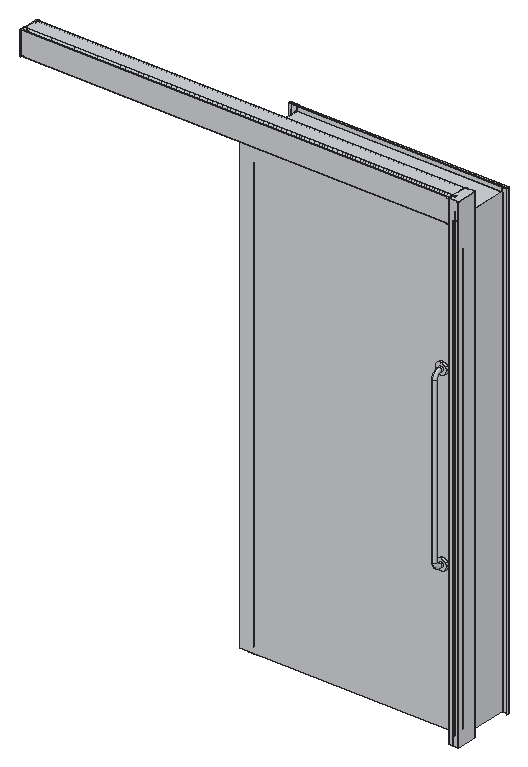
Revit family "R0000103", category Türen, Revit 2021
Family settings
  Basisbauteil = Wand
  Immer vertikal = Ja
  Beim Laden mit Abzugskörper schneiden = Nein
  Gemeinsam genutzt = Nein
  Raumberechnungspunkt = Ja
Parameters (values of type "BOS SvdW-D für Mauerwerk mit NOVA 150 BOS Holz")
  Grifftiefe = 46 mm  # constant formula
  TB = if([SvdW-D mit NOVA 150 BOS Holz], 1, 1)  # 1
  Stoßgriff = 1 < 2  # yes
  Nagelanker vorne links [instance] = DIN rechts   DIN Right  # yes
  Material - Türgriff = none
  Info-Texte sichtbar = yes
  Grifflänge = 800 mm  # constant formula
  RNH Rohbau_Nennmaß_Höhe   Nominal Wall Opening Height Measurement [instance] = LDH effektiv Lichte Durchgangs Höhe effektiv   Real Clearance Height + Einfügepunkt  # 2130 mm
  RNB Rohbau_Nennmaß_Breite   Nominal Wall Opening Width Measurement [instance] = LDB Lichte Durchgangs Breite   Clearance Width + (2 * Einfügepunkt)  # 1010 mm
  Griffradius = 9 mm  # constant formula
  Führungsnutbreite = 18 mm  # constant formula
  Führungsnuttiefe = 36 mm  # constant formula
  Türblatt geöffnet in ...% LDB effektiv [instance] = if(Türblatt geöffnet in ...% LDB effektiv  Doorleaf opened in ...% Real Clearance Width < 0, 0, if(Türblatt geöffnet in ...% LDB effektiv  Doorleaf opened in ...% Real Clearance Width > 100, 100, Türblatt geöffnet in ...% LDB effektiv  Doorleaf opened in ...% Real Clearance Width))  # 0
  Türblatt geöffnet in ...% LDB effektiv  Doorleaf opened in ...% Real Clearance Width [instance] = 0
  Spiegel hinten min. = 30 mm  # constant formula
  Spiegel hinten max. = 80 mm  # constant formula
  SvdW-D mit NOVA 150 BOS Holz = yes
  Türblatteinstand [instance] = if(DIN rechts   DIN Right, 14 mm, Spiegel vorne STR)  # 14 mm
  Variante - Auswahl [instance] = if(Standardmaße, "Standardmaße", "Sondermaße")  # "Standardmaße"
  Spiegel vorne KS [instance] = 30 mm  # constant formula
  Spiegel vorne STR [instance] = if(DIN links   DIN Left, 40 mm, 43.5 mm)  # 43.5 mm
  Spiegel vorne STL [instance] = if(DIN rechts   DIN Right, 40 mm, 43.5 mm)  # 40 mm
  STR-länge [instance] = LDH effektiv Lichte Durchgangs Höhe effektiv   Real Clearance Height  # 2093 mm
  STL-länge [instance] = LDH effektiv Lichte Durchgangs Höhe effektiv   Real Clearance Height  # 2093 mm
  Putzwinkel vorne KS = 17 mm  # constant formula
  Putzwinkel vorne STR = 17 mm  # constant formula
  Putzwinkel vorne STL = 14 mm  # constant formula
  Putzwinkel vorne AP = 15 mm  # constant formula
  Putzwinkel hinten min. = 9 mm  # constant formula
  Putzwinkel hinten max. = 28 mm  # constant formula
  Material - Dichtung = none
  KS-länge [instance] = LDB Lichte Durchgangs Breite   Clearance Width  # 936 mm
  Griffhöhe = 1068 mm  # constant formula
  Dornmaß = 65 mm  # constant formula
  GT min. [instance] = Putzwinkel hinten min. + MW min. + if(DIN rechts   DIN Right, Putzwinkel vorne STR, Putzwinkel vorne STR)  # 126 mm
  GT max. [instance] = Putzwinkel hinten max. + MW max. + if(DIN rechts   DIN Right, Putzwinkel vorne STR, Putzwinkel vorne STR)  # 605 mm
  GT Profil STR [instance] = Putzwinkel hinten + MW Maulweite   Receiving Opening + 93.5 mm  # 303.5 mm
  GT Profil STL [instance] = Putzwinkel hinten + MW Maulweite   Receiving Opening + Putzwinkel vorne STL  # 224 mm
  Fußbodenaufbau - Auswahl [instance] = if(Fußbodenaufbau < 0 mm, 0 mm, if(Fußbodenaufbau > 150 mm, 150 mm, Fußbodenaufbau))  # 0 mm
  Fußbodenaufbau [instance] = 0 mm
  Fingerschutz-Abstand = Dornmaß - 14 mm  # 51 mm
  Material - Türblatt = none
  LDH effektiv Lichte Durchgangs Höhe effektiv   Real Clearance Height [instance] = if(Standardmaße, if(Standardmaß LDH effektiv Lichte Durchgangs Höhe effektiv   Real Clearance Height Choice < 2, 1968 mm, 2093 mm), if(Sondermaß LDH effektiv Lichte Durchgangs Höhe effektiv   Real Clearance Height Specification < LDH min., LDH min., if(Sondermaß LDH effektiv Lichte Durchgangs Höhe effektiv   Real Clearance Height Specification > LDH max., LDH max., Sondermaß LDH effektiv Lichte Durchgangs Höhe effektiv   Real Clearance Height Specification)))  # 2093 mm
  LDB effektiv Lichte Durchgangs Breite effektiv   Real Clearance Width [instance] = LDB Lichte Durchgangs Breite   Clearance Width - [Fingerschutz-Abstand] - Dornmaß  # 820 mm
  NOVA 150 BOS Holz = [SvdW-D mit NOVA 150 BOS Holz]  # yes
  Zargenblechstärke = 1.5 mm  # constant formula
  Türblattreferenz [instance] = TAB Türblatt Außenmaß Breite - if(DIN rechts   DIN Right, Spiegel vorne STL, 14 mm) - (if(DIN links   DIN Left, -1, 1) * Türblatt geöffnet in ...% LDB effektiv * (LDB effektiv Lichte Durchgangs Breite effektiv   Real Clearance Width - [Fingerschutz-Abstand] + Dornmaß) / 100)  # 950 mm
  Türblattabstand unten [instance] = 9.5 mm  # constant formula
  TAH Türblatt_Außenmaß_Höhe   Door Leaf Overall Height Measurement [instance] = LDH effektiv Lichte Durchgangs Höhe effektiv   Real Clearance Height + 17 mm  # 2110 mm
  TAH Türblatt Außenmaß Höhe [instance] = TAH Türblatt_Außenmaß_Höhe   Door Leaf Overall Height Measurement  # 2110 mm
  TAB Türblatt_Außenmaß_Breite   Door Leaf Overall Width Measurement [instance] = LDB Lichte Durchgangs Breite   Clearance Width + 54 mm  # 990 mm
  TAB Türblatt Außenmaß Breite [instance] = TAB Türblatt_Außenmaß_Breite   Door Leaf Overall Width Measurement  # 990 mm
  Standardmaße [instance] = yes
  Sondermaße [instance] = not(Standardmaße)  # no
  Putzwinkel hinten   Backbend Back [instance] = 10 mm  # constant formula
  Wandstärke   Wall Thickness [instance] = 200 mm
  Material - Laufschiene = none
  Material - Führungszapfen = none
  Laufkastenlänge [instance] = AMB Außenmaß_Breite   Overall Width Measurement - 46.5 mm  # 1955.5 mm
  LDB Lichte Durchgangs Breite   Clearance Width [instance] = if(Standardmaße, if(Standardmaß LDB Lichte Durchgangs Breite   Clearance Width Choice < 2, 686 mm, if(Standardmaß LDB Lichte Durchgangs Breite   Clearance Width Choice = 2, 811 mm, if(Standardmaß LDB Lichte Durchgangs Breite   Clearance Width Choice = 3, 936 mm, if(Standardmaß LDB Lichte Durchgangs Breite   Clearance Width Choice = 4, 1061 mm, 1186 mm)))), if(Sondermaß LDB Lichte Durchgangs Breite   Clearance Width Specification < LDB min., LDB min., if(Sondermaß LDB Lichte Durchgangs Breite   Clearance Width Specification > LDB max., LDB max., Sondermaß LDB Lichte Durchgangs Breite   Clearance Width Specification)))  # 936 mm
  URL = "www.BestOfSteel.de/stahlzargen/zargen-fuer-schiebetueren/lineaoutside/lineaoutside-d"
  Türblattstärke = if(TB = 1, 40 mm, 40 mm)  # 40 mm
  Türblattversatz [instance] = (Wandstärke   Wall Thickness / 2) + 45 mm  # 145 mm
  Spiegel hinten   Architrave Back [instance] = 30 mm
  Spiegel hinten [instance] = if(Spiegel hinten   Architrave Back < Spiegel hinten min., Spiegel hinten min., if(Spiegel hinten   Architrave Back > Spiegel hinten max., Spiegel hinten max., Spiegel hinten   Architrave Back))  # 30 mm
  Rough Height = 0 mm  # constant formula
  Rough Width = 0 mm  # constant formula
  Rechtliche Hinweise [instance] = "www.BestOfSteel.de/tools-downloads/bim-building-information-modeling/"
  Putzwinkel hinten [instance] = if(Putzwinkel hinten   Backbend Back < Putzwinkel hinten min., Putzwinkel hinten min., if(Putzwinkel hinten   Backbend Back > Putzwinkel hinten max., Putzwinkel hinten max., Putzwinkel hinten   Backbend Back))  # 10 mm
  Modell = "SvdW-D mit NOVA 150 BOS Holz"
  Material - Zarge = none
  Material = "grundiert, feuerverzinktes Feinblech nach DIN EN 10143"
  MW min. = 100 mm  # constant formula
  MW max. = 560 mm  # constant formula
  MW Maulweite   Receiving Opening [instance] = if(Wandstärke   Wall Thickness < MW min., MW min., if(Wandstärke   Wall Thickness > MW max., MW max., Wandstärke   Wall Thickness))  # 200 mm
  Information in English = no
  Height [instance] = RNH Rohbau_Nennmaß_Höhe   Nominal Wall Opening Height Measurement  # 2130 mm
  Hersteller = "BOS GmbH Best Of Steel, Lütkenfelde 4, D-48282 Emsdetten"
  GT Gesamttiefe_Zarge   Total Profile Depth [instance] = Putzwinkel hinten + MW Maulweite   Receiving Opening + if(DIN rechts   DIN Right, Putzwinkel vorne STL, Putzwinkel vorne STR)  # 224 mm
  MW Fehler [instance] = or(Wandstärke   Wall Thickness < MW min., Wandstärke   Wall Thickness > MW max.)  # no
  Funktion = Innen
  LDH min. = 1843 mm  # constant formula
  LDH max. = 2218 mm  # constant formula
  LDB min. = 561 mm  # constant formula
  LDB max. = 1186 mm  # constant formula
  Einfügepunkt = 37 mm  # constant formula
  Dicke = 0 mm  # constant formula
  Dichtungsprofil 16 mm = [SvdW-D mit NOVA 150 BOS Holz]  # yes
  DIN rechts   DIN Right [instance] = yes
  DIN links   DIN Left [instance] = not(DIN rechts   DIN Right)  # no
  DIN Richtung [instance] = if(DIN links   DIN Left, "DIN links", "DIN rechts")  # "DIN rechts"
  Width = 0 mm  # constant formula
  Beschreibung = "Schiebetürzarge für vor der Wand laufende Schiebetüren (LineaOutside-D) für Mauerwerk"
  Bauelement = "BOS Stahlzarge"
  BOS-Architekten-Beratung = "Tel.: +49 (0) 2572 203-203; E-Mail: architekten@BestOfSteel.de"
  BE Bodeneinstand   Foundation Bedding [instance] = 30 mm
  BE Bodeneinstand [instance] = if(BE Bodeneinstand   Foundation Bedding < 0 mm, 0 mm, if(BE Bodeneinstand   Foundation Bedding > BE max., BE max., BE Bodeneinstand   Foundation Bedding))  # 30 mm
  BE max. = 100 mm  # constant formula
  Standardmaß LDH effektiv Lichte Durchgangs Höhe effektiv   Real Clearance Height Choice [instance] = 2
  Sondermaß LDH effektiv Lichte Durchgangs Höhe effektiv   Real Clearance Height Specification [instance] = 2093 mm
  Sondermaß LDB Lichte Durchgangs Breite   Clearance Width Specification [instance] = 936 mm
  Standardmaß LDB Lichte Durchgangs Breite   Clearance Width Choice [instance] = 3
  Technische Infos rund um die Stahlzarge = "www.BestOfSteel.de/tools-downloads/technische-infos-rund-um-die-stahlzarge/"
  Aufdopplungstiefe = 3 mm  # constant formula
  Aufdopplungslage [instance] = if(DIN rechts   DIN Right, TAB Türblatt Außenmaß Breite - Spiegel vorne STL, 0 mm)  # 950 mm
  Aufdopplungsbreite [instance] = 40 mm  # constant formula
  Aufdopplung = 1 < 2  # yes
  Anschlagprofillage [instance] = if(DIN rechts   DIN Right, LDB Lichte Durchgangs Breite   Clearance Width, 0 mm)  # 936 mm
  Anschlagprofilbreite = 95 mm  # constant formula
  Anschlagprofillänge [instance] = LDH effektiv Lichte Durchgangs Höhe effektiv   Real Clearance Height + 110 mm  # 2203 mm
  Nagelanker vorne rechts [instance] = DIN links   DIN Left  # no
  AMH Außenmaß_Höhe   Overall Height Measurement [instance] = LDH effektiv Lichte Durchgangs Höhe effektiv   Real Clearance Height + 110 mm  # 2203 mm
  AMB Außenmaß_Breite   Overall Width Measurement [instance] = (2 * LDB Lichte Durchgangs Breite   Clearance Width) + 130 mm  # 2002 mm
  1-Kammer-Dichtung = 1 > 2  # no
Reference planes
  plane 1 "Wand": y = 0
  plane 2 "Mitte (Links/rechts)": x = 125
  plane 3 "Hinten": y = 100
  plane 4 "Vorne": y = -100
  plane 5 "RNB links": x = -380
  plane 6 "RNB rechts": x = 630
  plane 7 "RNH oben": z = 2130
  plane 8 "BE": z = -30
  plane 9 "LDH oben": z = 2093
  plane 10 "LDB links": x = -343
  plane 11 "LDB rechts": x = 593
  plane 12 "OFF": z = 0
  plane 13 "Türblattachse": y = -145
  plane 14: z = -100
Forms (mm)
  Sweep 1, void
    path origin (0, -100, 0) x (-1, 0, 0) y (0, 0, 1)
      loop
        line (380, 0) -> (380, 2130) -> (-125, 2130)
    profile origin (-380, -100, 1065) x (1, 0, 0) y (0, 1, 0)
      loop
        line (505, 200) -> (35.5, 200) -> (35.5, 0) -> (505, 0) -> (505, 200)
  Sweep 2, void
    path origin (0, -100, 0) x (-1, 0, 0) y (0, 0, 1)
      loop
        line (-630, 0) -> (-630, 2130) -> (-125, 2130)
    profile origin (630, -100, 1065) x (1, 0, 0) y (0, 1, 0)
      loop
        line (-505, 200) -> (-505, 0) -> (-35.5, 0) -> (-35.5, 200) -> (-505, 200)
Lines and regions (mm)
  reference lines
    curve 1: line (65, 650, 0) -> (185, 650, 0)
    curve 2: line (65, -650, 0) -> (185, -650, 0)
    curve 3: line (1130, 100, 0) -> (1130, -100, 0)
Text (mm)
  text "Außen     " at (-1696.17, 830.944, 0), in view "Ref.-Ebene"
  text "Außen" at (0, 1409.804, 2854.306), in view "Links"
  text "Placement side" at (0, 499.811, 2980.732), in view "Rechts"
Dimensions and locks
  locked: plane 3 "Hinten" to host wall
  locked: host wall to plane 4 "Vorne"
  level to plane 7 "RNH oben" = 2130 mm
  equal spacing: plane 5 "RNB links", plane 2 "Mitte (Links/rechts)", plane 6 "RNB rechts"
  "Wandstärke   Wall Thickness": host wall to host wall
  "LDH effektiv Lichte Durchgangs Höhe effektiv   Real Clearance Height": plane 9 "LDH oben" to plane 12 "OFF"
  "RNH Rohbau_Nennmaß_Höhe   Nominal Wall Opening Height Measurement": plane 7 "RNH oben" to plane 12 "OFF"
  "RNB Rohbau_Nennmaß_Breite   Nominal Wall Opening Width Measurement": plane 5 "RNB links" to plane 6 "RNB rechts"
  curve 2 to plane 4 "Vorne" to plane 3 "Hinten" to curve 1 = 550 mm, 200 mm, 550 mm
  equal spacing: plane 10 "LDB links", plane 2 "Mitte (Links/rechts)", plane 11 "LDB rechts"
  "LDB Lichte Durchgangs Breite   Clearance Width": plane 10 "LDB links" to plane 11 "LDB rechts"
  plane 6 "RNB rechts" to curve 3 = 500 mm
  "BE Bodeneinstand": plane 12 "OFF" to plane 8 "BE"
  "Türblattversatz": plane 13 "Türblattachse" to host wall
  "BE max.": level to plane 14
  "Fußbodenaufbau - Auswahl": plane 12 "OFF" to level
  aligned and locked: plane 1 "Wand" to host wall
  aligned and locked: plane 9 "LDH oben" to nested 1
  aligned and locked: plane 4 "Vorne" to nested 1
  aligned and locked: plane 2 "Mitte (Links/rechts)" to nested 1
  aligned and locked: plane 3 "Hinten" to curve 3
  aligned and locked: plane 4 "Vorne" to curve 3
  aligned and locked: nested 2 to plane 4 "Vorne"
  aligned and locked: plane 2 "Mitte (Links/rechts)" to nested 2
  aligned and locked: nested 3 to curve 3
  aligned and locked: plane 1 "Wand" to nested 3
  aligned and locked: plane 2 "Mitte (Links/rechts)" to nested 4
  aligned and locked: curve 1 to nested 4
  aligned and locked: curve 2 to nested 5
  aligned and locked: nested 5 to plane 2 "Mitte (Links/rechts)"
  aligned and locked: plane 10 "LDB links" to nested 6
  aligned and locked: nested 6 to plane 4 "Vorne"
  aligned and locked: plane 11 "LDB rechts" to nested 8
  aligned and locked: plane 4 "Vorne" to nested 8
  aligned and locked: plane 12 "OFF" to nested 6
  aligned and locked: nested 8 to plane 12 "OFF"
  aligned and locked: nested 9 to plane 12 "OFF"
  aligned and locked: plane 12 "OFF" to nested 7
  aligned and locked: plane 10 "LDB links" to nested 7
  aligned and locked: plane 11 "LDB rechts" to nested 9
  aligned and locked: nested 7 to plane 4 "Vorne"
  aligned and locked: plane 4 "Vorne" to nested 9
  aligned and locked: nested 10 to plane 4 "Vorne"
  aligned and locked: plane 11 "LDB rechts" to nested 10
  aligned and locked: plane 4 "Vorne" to nested 11
  aligned and locked: plane 10 "LDB links" to nested 11
  aligned and locked: plane 13 "Türblattachse" to nested 12
  aligned and locked: plane 10 "LDB links" to nested 12
  aligned and locked: Sweep 1 sketch curve to plane 7 "RNH oben"
  aligned and locked: plane 5 "RNB links" to Sweep 1 sketch curve
  aligned and locked: plane 2 "Mitte (Links/rechts)" to Sweep 1 sketch curve
  aligned and locked: nested 2 to Sweep 1 sketch curve
  aligned and locked: plane 7 "RNH oben" to Sweep 2 sketch curve
  aligned and locked: plane 2 "Mitte (Links/rechts)" to Sweep 2 sketch curve  (x2)
  aligned and locked: plane 6 "RNB rechts" to Sweep 2 sketch curve
  aligned and locked: level to Sweep 2 sketch curve
  aligned and locked: level to Sweep 1 sketch curve
  aligned and locked: plane 5 "RNB links" to nested 14
  aligned and locked: nested 13 to nested 14  (x2)
  aligned and locked: plane 6 "RNB rechts" to nested 15
  aligned and locked: nested 15 to plane 4 "Vorne"
  aligned and locked: plane 4 "Vorne" to nested 14
Automatic sketch dimensions
  plane 2 "Mitte (Links/rechts)" to curve 1 = 60 mm
  plane 2 "Mitte (Links/rechts)" to curve 2 = 60 mm
  curve 1 to plane 2 "Mitte (Links/rechts)" = 60 mm
  curve 2 to plane 2 "Mitte (Links/rechts)" = 60 mm
  Sweep 1 sketch curve to plane 4 "Vorne" = 0 mm
  Sweep 1 sketch curve to profile plane = 35.5 mm
  Sweep 1 sketch curve to Sweep 1 sketch curve = 200 mm
  Sweep 2 sketch curve to plane 4 "Vorne" = 0 mm
  profile plane to Sweep 2 sketch curve = 35.5 mm
  plane 4 "Vorne" to Sweep 2 sketch curve = 200 mm
Nested families
  nested 1: "BOS-Laufkasten-(w)SvdW-D(SK2)_Modell-21" at (29.653, -64.347, 2122.996), type "Laufkasten", detail levels medium+fine
    with TSExtrusionsbeginn -1484.5 mm, TSExtrusionsende 464 mm, Laufkastenlänge 1955.5 mm, N355-Extrusionsende 436 mm, N355-Extrusionsbeginn -1456.5 mm, LKExtrusionsende 466.5 mm, LKExtrusionsbeginn -1487 mm, LDB 936 mm
  nested 2: "BOS-Kopfstück-SvdW-D(SK2)_Modell-21" at (-47.574, -20.347, 2093), type "Kopfstück", detail levels medium+fine
    with Überstand rechts 30 mm, Überstand links 30 mm, Spiegel hinten 30 mm, Putzwinkel hinten 10 mm, GT Profil 227 mm, Elementlänge 936 mm
  nested 3: "BOS-Info-Texte_Beschriftung-21" at (1130, -0.955, 0), visible <- "MW Fehler", type "Maulweite Fehlermeldung"
  nested 4: "BOS-Info-Texte_Beschriftung-21" at (125, 649.045, 0), visible <- "Info-Texte sichtbar", type "Technische Hinweise"
  nested 5: "BOS-Info-Texte_Beschriftung-21" at (125, -650.955, 0), visible <- "Info-Texte sichtbar", type "Rechtliche Hinweise"
  nested 6: "BOS-Seitenteil-SvdW-D(SK2)_Modell-21" at (-438.347, -20.347, -0.004), visible <- "DIN rechts   DIN Right", type "Seitenteil links", detail levels medium+fine
    with Putzwinkel hinten 10 mm, GT Profil 224 mm, Elementlänge 2093 mm
  nested 7: "BOS-Seitenteil-SvdW-D(SK2)_Modell-21" at (-438.347, -20.347, -0.004), visible <- "DIN links   DIN Left", type "Seitenteil rechts", detail levels medium+fine
    with Putzwinkel hinten 10 mm, GT Profil 303.5 mm, Elementlänge 2093 mm
  nested 8: "BOS-Seitenteil-SvdW-D(SK2)_Modell-21" at (688.347, -20.347, -0.004) x (-1, 0, 0) z (0, 0, 1), visible <- "DIN links   DIN Left", type "Seitenteil links", detail levels medium+fine
    with Putzwinkel hinten 10 mm, GT Profil 224 mm, Elementlänge 2093 mm
  nested 9: "BOS-Seitenteil-SvdW-D(SK2)_Modell-21" at (688.347, -20.347, -0.004) x (-1, 0, 0) z (0, 0, 1), visible <- "DIN rechts   DIN Right", type "Seitenteil rechts", detail levels medium+fine
    with Putzwinkel hinten 10 mm, GT Profil 303.5 mm, Elementlänge 2093 mm
  nested 10: "BOS-Anschlagprofil-(w)SvdW-D(SK2)_Modell-21" at (497.653, -20.347, 0), visible <- "DIN rechts   DIN Right", type "Anschlagprofil", detail levels medium+fine
    with BE Bodeneinstand 30 mm
  nested 11: "BOS-Anschlagprofil-(w)SvdW-D(SK2)_Modell-21" at (-247.653, -20.347, 0.004) x (-1, 0, 0) z (0, 0, 1), visible <- "DIN links   DIN Left", type "Anschlagprofil", detail levels medium+fine
    with BE Bodeneinstand 30 mm
  nested 12: "BOS-Türblatt-Schiebetürzargen_Modell-21" at (-414, -254, 0), type "40 mm Holztürblatt", detail levels medium+fine
    with Türblattreferenz 950 mm, Griffposition 925 mm, TAB Türblatt Außenmaß Breite 990 mm, Aufdopplungslage 950 mm
  nested 13: "BOS-Logo_Modell-21" at (-368, 76.701, 0), type "BOS-Logo_Modell-21", detail levels fine
  nested 14: "BOS-loser-Nagelanker-SvdW-D(SK2)_Detail-21" at (-365, -50, 0), type "BOS loser Nagelanker links SvdW-D(SK2)", detail levels fine
  nested 15: "BOS-loser-Nagelanker-SvdW-D(SK2)_Detail-21" at (615, -50, 0) x (-1, 0, 0) z (0, 0, 1), type "BOS loser Nagelanker rechts SvdW-D(SK2)", detail levels fine
Definition of nested family "BOS-Laufkasten-(w)SvdW-D(SK2)_Modell-21"
  Parameters (values of type "BOS-Laufkasten-(w)SvdW-D_Modell-21")
    Default Elevation = 1219.2 mm
    URL = "www.BestOfSteel.de"
    Trägerschienenabstand = 2.5 mm  # constant formula
    Technische Infos rund um die Stahlzarge = "www.BestOfSteel.de/tools-downloads/technische-infos-rund-um-die-stahlzarge"
    TSExtrusionsbeginn = LKExtrusionsbeginn + Trägerschienenabstand  # -217 mm
    TSExtrusionsende = LKExtrusionsende - Trägerschienenabstand  # 56 mm
    Rechtliche Hinweise = "www.BestOfSteel.de/tools-downloads/bim-building-information-modeling"
    Material - Zarge = none
    Material - Laufschiene = none
    Laufschienenabstand = if([Laufschiene N355 (NOVA 150)], 28 mm, 28 mm)  # 28 mm
    Laufschiene N355 (NOVA 150) = yes
    Laufkastenlänge = 280 mm
    Laufkastenendkappenstärke = 2 mm
    N355-Extrusionsende = TSExtrusionsende - Laufschienenabstand  # 28 mm
    N355-Extrusionsbeginn = TSExtrusionsbeginn + Laufschienenabstand  # -189 mm
    LKExtrusionsende = if(DIN links, (Laufkastenlänge - Laufkastenendkappenstärke - LDB / 2 + 1.5 mm), LDB / 2 - 1.5 mm)  # 58.5 mm
    LKExtrusionsbeginn = if(DIN rechts, -(Laufkastenlänge - Laufkastenendkappenstärke - LDB / 2 + 1.5 mm), -LDB / 2 + 1.5 mm)  # -219.5 mm
    LDB = 120 mm
    DIN rechts = yes
    DIN links = no
    Description = "Laufkasten (w)SvdW-D"
    Keynote = "BOS Laufkasten"
    BOS-Architekten-Beratung = "Tel.: +49 (0) 2572 203-203; E-Mail: architekten@BestOfSteel.de"
  Reference planes
    plane 1 "Achse Laufschiene": y = -79.653
    plane 2 "Spiegel vorne oben": z = 0.004
    plane 3 "Mitte (Zarge)": x = 95.347
    plane 4 "LDB links/rechts": x = 35.347
    plane 5 "LDB rechts/links": x = 155.347
    plane 6 "AMH oben": z = 80.004
    plane 7 "Außen": y = -130.653
    plane 8 "Wand": y = -35.653
    plane 9 "LK unten": z = -29.996
  Forms (mm)
    Extrusion 1, solid, material <- "Material - Zarge"
      sketch origin (95.347, 0, -28.996) x (0, 1, 0) y (0, 0, 1)
        loop
          line (-38.653, 107.5) -> (-107.653, 107.5) -> (-107.653, 109) -> (-126.653, 109)
          arc (-126.653, 109) -> (-128.42, 108.268) -> (-129.153, 106.5) r 2.5
          line (-129.153, 106.5) -> (-129.153, 1.5)
          arc (-129.153, 1.5) -> (-128.42, -0.268) -> (-126.653, -1) r 2.5
          line (-126.653, -1) -> (-111.153, -1)
          arc (-111.153, -1) -> (-109.385, -0.268) -> (-108.653, 1.5) r 2.5
          line (-108.653, 1.5) -> (-108.653, 6.5) -> (-110.153, 6.5) -> (-110.153, 1.5)
          arc (-110.153, 1.5) -> (-110.446, 0.793) -> (-111.153, 0.5) r 1
          line (-111.153, 0.5) -> (-126.653, 0.5)
          arc (-126.653, 0.5) -> (-127.36, 0.793) -> (-127.653, 1.5) r 1
          line (-127.653, 1.5) -> (-127.653, 79.5) -> (-125.653, 79.5) -> (-125.653, 104.5)
          arc (-125.653, 104.5) -> (-125.36, 105.207) -> (-124.653, 105.5) r 1
          line (-124.653, 105.5) -> (-38.653, 105.5)
          arc (-38.653, 105.5) -> (-37.946, 105.207) -> (-37.653, 104.5) r 1
          line (-37.653, 104.5) -> (-37.653, 32)
          arc (-37.653, 32) -> (-37.946, 31.293) -> (-38.653, 31) r 1
          line (-38.653, 31) -> (-52.653, 31) -> (-52.653, 29) -> (-38.653, 29)
          arc (-38.653, 29) -> (-36.531, 29.879) -> (-35.653, 32) r 3
          line (-35.653, 32) -> (-35.653, 104.5)
          arc (-35.653, 104.5) -> (-36.531, 106.621) -> (-38.653, 107.5) r 3
      from -219.5 <- "LKExtrusionsbeginn" to 58.5 <- "LKExtrusionsende"
    Extrusion 2, solid, material <- "Material - Zarge"
      sketch origin (95.347, 0, 15.692) x (0, 1, 0) y (0, 0, 1)
        loop
          line (-55.153, 58.312) -> (-38.653, 58.312) -> (-38.653, 60.312) -> (-55.153, 60.312)
          arc (-55.153, 60.312) -> (-57.981, 59.14) -> (-59.153, 56.312) r 4
          line (-59.153, 56.312) -> (-59.153, 49.312)
          arc (-59.153, 49.312) -> (-59.738, 47.898) -> (-61.153, 47.312) r 2
          line (-61.153, 47.312) -> (-98.153, 47.312)
          arc (-98.153, 47.312) -> (-99.567, 47.898) -> (-100.153, 49.312) r 2
          line (-100.153, 49.312) -> (-100.153, 56.312)
          arc (-100.153, 56.312) -> (-101.324, 59.14) -> (-104.153, 60.312) r 4
          line (-104.153, 60.312) -> (-116.153, 60.312) -> (-116.153, 58.312) -> (-104.153, 58.312)
          arc (-104.153, 58.312) -> (-102.738, 57.726) -> (-102.153, 56.312) r 2
          line (-102.153, 56.312) -> (-102.153, 49.312)
          arc (-102.153, 49.312) -> (-100.981, 46.484) -> (-98.153, 45.312) r 4
          line (-98.153, 45.312) -> (-61.153, 45.312)
          arc (-61.153, 45.312) -> (-58.324, 46.484) -> (-57.153, 49.312) r 4
          line (-57.153, 49.312) -> (-57.153, 56.312)
          arc (-57.153, 56.312) -> (-56.567, 57.726) -> (-55.153, 58.312) r 2
      from -217 <- "TSExtrusionsbeginn" to 56 <- "TSExtrusionsende"
    Extrusion 3, solid, material <- "Material - Laufschiene"
      sketch origin (95.347, 0, 15.692) x (0, 1, 0) y (0, 0, 1)
        loop
          line (-61.903, 45.312) -> (-97.403, 45.312) -> (-97.403, -0.188) -> (-88.403, -0.188) -> (-88.403, 7.312) -> (-94.903, 9.678) -> (-94.903, 33.124) -> (-88.767, 35.357) -> (-88.767, 42.812) -> (-72.403, 42.812) -> (-72.403, 36.035) -> (-64.403, 33.124) -> (-64.403, 9.678) -> (-70.903, 7.312) -> (-70.903, -0.188) -> (-61.903, -0.188) -> (-61.903, 45.312)
      from -189 <- "N355-Extrusionsbeginn" to 28 <- "N355-Extrusionsende"
    Extrusion 4, solid, material <- "Material - Zarge", visible <- "DIN rechts"
      sketch origin (95.347, 0, -1.5) x (0, 1, 0) y (0, 0, 1)
        loop
          line (-38.653, 80.004) -> (-126.653, 80.004)
          arc (-126.653, 80.004) -> (-128.444, 78.982) -> (-129.153, 77.046) r 3
          line (-129.153, 77.046) -> (-129.153, -26.996)
          arc (-129.153, -26.996) -> (-128.274, -29.118) -> (-126.153, -29.996) r 3
          line (-126.153, -29.996) -> (-38.653, -29.996)
          arc (-38.653, -29.996) -> (-36.531, -29.118) -> (-35.653, -26.996) r 3
          line (-35.653, -26.996) -> (-35.653, 77.004)
          arc (-35.653, 77.004) -> (-36.531, 79.125) -> (-38.653, 80.004) r 3
      from -221.5 to -219.5
    Extrusion 5, solid, material <- "Material - Zarge", visible <- "DIN links"
      sketch origin (95.347, 0, -1.5) x (0, 1, 0) y (0, 0, 1)
        loop
          line (-38.653, 80.004) -> (-126.653, 80.004)
          arc (-126.653, 80.004) -> (-128.444, 78.982) -> (-129.153, 77.046) r 3
          line (-129.153, 77.046) -> (-129.153, -26.996)
          arc (-129.153, -26.996) -> (-128.274, -29.118) -> (-126.153, -29.996) r 3
          line (-126.153, -29.996) -> (-38.653, -29.996)
          arc (-38.653, -29.996) -> (-36.531, -29.118) -> (-35.653, -26.996) r 3
          line (-35.653, -26.996) -> (-35.653, 77.004)
          arc (-35.653, 77.004) -> (-36.531, 79.125) -> (-38.653, 80.004) r 3
      from 58.5 to 60.5
  Dimensions and locks
    "LDB": plane 5 "LDB rechts/links" to plane 4 "LDB links/rechts"
    equal spacing: plane 5 "LDB rechts/links", plane 3 "Mitte (Zarge)", plane 4 "LDB links/rechts"
    plane 6 "AMH oben" to plane 9 "LK unten" = 110 mm
    plane 8 "Wand" to plane 7 "Außen" = 95 mm  (x2)
    plane 8 "Wand" to plane 1 "Achse Laufschiene" = 44 mm
    plane 6 "AMH oben" to plane 2 "Spiegel vorne oben" = 80 mm
    "Laufkastenendkappenstärke": Extrusion 4 to Extrusion 4
    "Laufkastenendkappenstärke": Extrusion 5 to Extrusion 5
    aligned and locked: plane 2 "Spiegel vorne oben" to level
    aligned and locked: Extrusion 4 to Extrusion 1
    aligned and locked: Extrusion 5 to Extrusion 1
  Automatic sketch dimensions
    Extrusion 1 sketch curve to Extrusion 1 sketch curve = 0 mm  (x10)
    plane 7 "Außen" to Extrusion 1 sketch curve = 1.5 mm
    Extrusion 1 sketch curve to Extrusion 1 sketch curve = 1.5 mm
    Extrusion 1 sketch curve to Extrusion 1 sketch curve = 1 mm  (x5)
    Extrusion 1 sketch curve to Extrusion 1 sketch curve = 15.5 mm
    Extrusion 1 sketch curve to Extrusion 1 sketch curve = 17 mm
    Extrusion 1 sketch curve to plane 6 "AMH oben" = 80 mm
    plane 7 "Außen" to Extrusion 1 sketch curve = 78 mm
    plane 7 "Außen" to Extrusion 1 sketch curve = 92 mm
    Extrusion 1 sketch curve to Extrusion 1 sketch curve = 14 mm
    Extrusion 1 sketch curve to Extrusion 1 sketch curve = 2 mm  (x2)
    Extrusion 1 sketch curve to plane 6 "AMH oben" = 102.5 mm
    Extrusion 1 sketch curve to plane 6 "AMH oben" = 29.5 mm
    Extrusion 1 sketch curve to Extrusion 1 sketch curve = 72.5 mm
    Extrusion 2 sketch curve to Extrusion 2 sketch curve = 0 mm  (x8)
    plane 7 "Außen" to Extrusion 2 sketch curve = 14.5 mm
    Extrusion 2 sketch curve to Extrusion 2 sketch curve = 12 mm
    Extrusion 2 sketch curve to Extrusion 2 sketch curve = 2 mm  (x5)
    Extrusion 2 sketch curve to plane 1 "Achse Laufschiene" = 18.5 mm
    Extrusion 2 sketch curve to plane 8 "Wand" = 3 mm
    Extrusion 2 sketch curve to plane 6 "AMH oben" = 19 mm
    Extrusion 2 sketch curve to Extrusion 2 sketch curve = 7 mm  (x2)
    Extrusion 3 sketch curve to plane 6 "AMH oben" = 19 mm
    plane 7 "Außen" to Extrusion 3 sketch curve = 33.25 mm
    Extrusion 3 sketch curve to plane 6 "AMH oben" = 54.634 mm
    Extrusion 3 sketch curve to Extrusion 3 sketch curve = 2.5 mm
    Extrusion 3 sketch curve to Extrusion 3 sketch curve = 6.5 mm  (x2)
    Extrusion 3 sketch curve to Extrusion 3 sketch curve = 6.135 mm
    Extrusion 3 sketch curve to plane 6 "AMH oben" = 21.5 mm
    Extrusion 3 sketch curve to Extrusion 3 sketch curve = 16.365 mm
    Extrusion 3 sketch curve to Extrusion 3 sketch curve = 17.5 mm
    Extrusion 3 sketch curve to Extrusion 3 sketch curve = 10.5 mm
    Extrusion 3 sketch curve to Extrusion 3 sketch curve = 0 mm
    Extrusion 3 sketch curve to Extrusion 3 sketch curve = 2.366 mm  (x2)
    Extrusion 3 sketch curve to Extrusion 3 sketch curve = 7.5 mm  (x2)
    Extrusion 3 sketch curve to plane 6 "AMH oben" = 31.188 mm  (x2)
    Extrusion 3 sketch curve to Extrusion 3 sketch curve = 7.455 mm
    Extrusion 3 sketch curve to Extrusion 3 sketch curve = 6.777 mm
    Extrusion 1 sketch curve to plane 6 "AMH oben" = 0 mm
    Extrusion 1 sketch curve to plane 9 "LK unten" = 0 mm
    Extrusion 4 sketch curve to plane 8 "Wand" = 0 mm
    Extrusion 4 sketch curve to plane 6 "AMH oben" = 1.5 mm
    Extrusion 4 sketch curve to plane 8 "Wand" = 3 mm  (x2)
    Extrusion 4 sketch curve to plane 9 "LK unten" = 1.5 mm
    plane 7 "Außen" to Extrusion 4 sketch curve = 4.5 mm
    plane 7 "Außen" to Extrusion 4 sketch curve = 1.5 mm
    Extrusion 4 sketch curve to Extrusion 4 sketch curve = 2.958 mm
    plane 7 "Außen" to Extrusion 4 sketch curve = 4 mm
    Extrusion 5 sketch curve to plane 8 "Wand" = 0 mm
    Extrusion 5 sketch curve to plane 8 "Wand" = 3 mm  (x2)
    plane 7 "Außen" to Extrusion 5 sketch curve = 4.5 mm  (x2)
    Extrusion 5 sketch curve to Extrusion 5 sketch curve = 0.5 mm
    plane 7 "Außen" to Extrusion 5 sketch curve = 1.5 mm
    Extrusion 5 sketch curve to plane 6 "AMH oben" = 111.5 mm
    Extrusion 5 sketch curve to Extrusion 5 sketch curve = 104 mm
Definition of nested family "BOS-Kopfstück-SvdW-D(SK2)_Modell-21"
  Parameters (values of type "Kopfstück")
    Überstand rechts = Spiegel hinten  # 40 mm
    Überstand links = Spiegel hinten  # 40 mm
    Default Elevation = 1219.2 mm
    URL = "www.BestOfSteel.de"
    Technische Infos rund um die Stahlzarge = "www.BestOfSteel.de/tools-downloads/technische-infos-rund-um-die-stahlzarge"
    Spiegel vorne oben = 30 mm
    Spiegel hinten = 40 mm
    Rechtliche Hinweise = "www.BestOfSteel.de/tools-downloads/bim-building-information-modeling"
    Putzwinkel vorne KS = 17 mm
    Putzwinkel hinten = 15 mm
    Material - Dichtung = none
    MW Maulweite = 200 mm
    Material - Zarge = none
    GT Profil = Putzwinkel hinten + MW Maulweite + Putzwinkel vorne KS  # 232 mm
    Elementlänge = 300 mm
    Description = "SvdW-D(SK2)"
    Keynote = "BOS Kopfstück"
    BOS-Architekten-Beratung = "Tel.: +49 (0) 2572 203-203; E-Mail: architekten@BestOfSteel.de"
  Reference planes
    plane 1 "Vorne": y = -79.653
    plane 2 "LDH oben": z = 0.004
    plane 3 "Mitte (links/rechts)": x = 172.574
    plane 4: y = 120.347
    plane 5: y = -96.653
    plane 6: z = 30.004
    plane 7: z = 40.004
    plane 8: y = 133.847
    plane 9: y = 133.847
    plane 10: y = 135.347
    plane 11: x = 22.574
    plane 12: x = 322.574
    plane 13: x = -17.426
    plane 14: x = 362.574
  Forms (mm)
    Sweep 1, solid, material <- "Material - Zarge"
      path origin (56.303, -1524, 0.004) x (-1, 0, 0) y (0, -1, 0)
        loop
          line (73.728, -1444.347) -> (-306.272, -1444.347)
      profile "BOS-SvdW-D_Profil-21 : BOS-SvdW-D_Profil-21" origin (172.574, -79.653, 0.004) x (0, 1, 0) y (0, 0, 1)
        loop
          line (-14.25, 0) -> (212.5, 0)
          arc (212.5, 0) -> (214.268, 0.732) -> (215, 2.5) r 2.5
          line (215, 2.5) -> (215, 37.5)
          arc (215, 37.5) -> (214.268, 39.268) -> (212.5, 40) r 2.5
          line (212.5, 40) -> (200, 40) -> (200, 38.5) -> (212.5, 38.5)
          arc (212.5, 38.5) -> (213.207, 38.207) -> (213.5, 37.5) r 1
          line (213.5, 37.5) -> (213.5, 2.5)
          arc (213.5, 2.5) -> (213.207, 1.793) -> (212.5, 1.5) r 1
          line (212.5, 1.5) -> (-14.25, 1.5)
          arc (-14.25, 1.5) -> (-15.495, 2.865) -> (-14.021, 3.979) r 1.25
          line (-14.021, 3.979) -> (-9.051, 3.051)
          arc (-9.051, 3.051) -> (-6.583, 3.692) -> (-5.5, 6) r 3
          line (-5.5, 6) -> (-5.5, 14)
          arc (-5.5, 14) -> (-6.232, 15.768) -> (-8, 16.5) r 2.5
          line (-8, 16.5) -> (-14.5, 16.5)
          arc (-14.5, 16.5) -> (-15.207, 16.793) -> (-15.5, 17.5) r 1
          line (-15.5, 17.5) -> (-15.5, 27.5)
          arc (-15.5, 27.5) -> (-15.207, 28.207) -> (-14.5, 28.5) r 1
          line (-14.5, 28.5) -> (0, 28.5) -> (0, 30) -> (-14.5, 30)
          arc (-14.5, 30) -> (-16.268, 29.268) -> (-17, 27.5) r 2.5
          line (-17, 27.5) -> (-17, 17.5)
          arc (-17, 17.5) -> (-16.268, 15.732) -> (-14.5, 15) r 2.5
          line (-14.5, 15) -> (-8, 15)
          arc (-8, 15) -> (-7.293, 14.707) -> (-7, 14) r 1
          line (-7, 14) -> (-7, 6)
          arc (-7, 6) -> (-7.542, 4.846) -> (-8.775, 4.525) r 1.5
          line (-8.775, 4.525) -> (-13.745, 5.453)
          arc (-13.745, 5.453) -> (-16.988, 3.004) -> (-14.25, 0) r 2.75
    Extrusion 2, void
      sketch origin (0, -79.653, 0) x (1, 0, 0) y (0, 0, 1)
        loop
          line (-17.426, 38.504) -> (-17.426, 0.004) -> (22.574, 0.004) -> (22.574, 38.504) -> (-17.426, 38.504)
        loop
          line (322.574, 38.504) -> (322.574, 0.004) -> (362.574, 0.004) -> (362.574, 38.504) -> (322.574, 38.504)
      from -215 to 17
    Sweep 3, solid, material <- "Material - Dichtung"
      path origin (0, 0, 0.004) x (1, 0, 0) y (0, 1, 0)
        loop
          line (22.574, -79.653) -> (322.574, -79.653)
      profile "BOS-Dichtungsprofil_Profil-21 : BOS-Dichtungsprofil_Profil-21" origin (172.574, -79.653, 0.004) x (0, 1, 0) y (0, 0, 1)
        loop
          line (-16.045, 12.99) -> (-16.045, 6.732) -> (-8.493, 6.732) -> (-8.493, 12.99) -> (-16.045, 12.99)
        loop
          arc (-19.122, 11.602) -> (-20.701, 11.559) -> (-22.278, 11.669) r 16.343
          line (-22.278, 11.669) -> (-23.272, 14.897)
          arc (-23.272, 14.897) -> (-24.329, 14.933) -> (-25, 14.116) r 1.195
          arc (-25, 14.116) -> (-23.289, 6.56) -> (-18.068, 0.835) r 15.164
          arc (-18.068, 0.835) -> (-17.406, 0.805) -> (-17.054, 1.366) r 0.658
          line (-17.054, 1.366) -> (-16.959, 4.244)
          arc (-16.959, 4.244) -> (-16.522, 5.3) -> (-15.466, 5.737) r 1.494
          line (-15.466, 5.737) -> (-9.199, 5.737)
          arc (-9.199, 5.737) -> (-9.383, 4.696) -> (-8.326, 4.661) r 0.7
          line (-8.326, 4.661) -> (-7, 6.091) -> (-7, 13.615) -> (-7.622, 14.659)
          arc (-7.622, 14.659) -> (-8.56, 14.914) -> (-8.849, 13.986) r 0.7
          line (-8.849, 13.986) -> (-11.688, 13.986) -> (-12.059, 14.68)
          arc (-12.059, 14.68) -> (-13.023, 14.957) -> (-13.274, 13.986) r 0.7
          line (-13.274, 13.986) -> (-15.706, 13.986)
          arc (-15.706, 13.986) -> (-16.687, 15.015) -> (-17.441, 13.811) r 0.9
          line (-17.441, 13.811) -> (-19.122, 11.602)
        loop
          arc (-17.802, 2.712) -> (-18.206, 4.787) -> (-17.041, 6.55) r 2.794
          line (-17.041, 6.55) -> (-17.041, 13.373) -> (-18.931, 10.89)
          arc (-18.931, 10.89) -> (-20.822, 10.805) -> (-22.698, 11.059) r 10.612
          line (-22.698, 11.059) -> (-23.714, 13.608)
          arc (-23.714, 13.608) -> (-22.172, 7.392) -> (-17.802, 2.712) r 12.738
  Cuts and joins
    Extrusion 2 cuts Sweep 1
  Dimensions and locks
    "MW Maulweite": plane 4 to plane 1 "Vorne"
    "Putzwinkel hinten": plane 10 to plane 4
    "Spiegel hinten": plane 2 "LDH oben" to plane 7
    "Putzwinkel vorne KS": plane 1 "Vorne" to plane 5
    "Spiegel vorne oben": plane 2 "LDH oben" to plane 6
    equal spacing: plane 12, plane 3 "Mitte (links/rechts)", plane 11
    "Elementlänge": plane 12 to plane 11
    "Überstand links": plane 11 to plane 13
    "Überstand rechts": plane 14 to plane 12
    plane 7 to Extrusion 2 sketch curve = 1.5 mm
    aligned and locked: plane 2 "LDH oben" to level
    aligned and locked: plane 13 to Sweep 1 sketch curve
    aligned and locked: plane 14 to Sweep 1 sketch curve
    aligned and locked: Extrusion 2 sketch curve to plane 14
    aligned and locked: plane 12 to Extrusion 2 sketch curve
    aligned and locked: plane 2 "LDH oben" to Extrusion 2 sketch curve  (x2)
    aligned and locked: plane 13 to Extrusion 2 sketch curve
    aligned and locked: Extrusion 2 sketch curve to plane 11
    aligned and locked: Extrusion 2 sketch curve to Extrusion 2 sketch curve
    aligned and locked: Extrusion 2 to plane 10
    aligned and locked: Extrusion 2 to Sweep 1
    aligned and locked: plane 1 "Vorne" to Sweep 3 sketch curve
    aligned and locked: plane 11 to Sweep 3 sketch curve
    aligned and locked: plane 12 to Sweep 3 sketch curve
  Automatic sketch dimensions
    plane 1 "Vorne" to Sweep 1 sketch curve = 0 mm
Definition of nested family "BOS-Seitenteil-SvdW-D(SK2)_Modell-21"
  Parameters (values of type "Seitenteil links")
    Default Elevation = 1219.2 mm
    URL = "www.BestOfSteel.de"
    Technische Infos rund um die Stahlzarge = "www.BestOfSteel.de/tools-downloads/technische-infos-rund-um-die-stahlzarge"
    Spiegel vorne KS = 30 mm
    Spiegel vorne = if(Seitenteil links, 40 mm, 43.5 mm)  # 40 mm
    Spiegel hinten = 30 mm
    Seitenteil rechts = no
    Seitenteil links = yes
    Rechtliche Hinweise = "www.BestOfSteel.de/tools-downloads/bim-building-information-modeling"
    Putzwinkel vorne I = if(Seitenteil links, 14 mm, 17 mm)  # 14 mm
    Putzwinkel vorne II = if(Seitenteil links, 14 mm, 15 mm)  # 14 mm
    Putzwinkel hinten = 15 mm
    Material - Dichtung = none
    MW Maulweite = 200 mm
    Material - Zarge = none
    GT Profil = 229 mm
    Elementlänge = 540 mm
    Extrusionsende = Spiegel hinten - 1.5 mm  # 28.5 mm
    Dichtungversatz vertikal = if(Seitenteil links, 4 mm, 7 mm)  # 4 mm
    Dichtungversatz horizontal = if(Seitenteil links, 4.5 mm, 15 mm)  # 4.5 mm
    Dichtung gespiegelt = Seitenteil links  # yes
    BE Bodeneinstand = 30 mm
    Description = "SvdW-D(SK2)"
    Keynote = "BOS Seitenteil"
    BOS-Architekten-Beratung = "Tel.: +49 (0) 2572 203-203; E-Mail: architekten@BestOfSteel.de"
  Types (2, lengths in mm): name | Spiegel vorne | Seitenteil rechts | Seitenteil links | Putzwinkel vorne I | Putzwinkel vorne II | GT Profil | Dichtungversatz vertikal | Dichtungversatz horizontal | Dichtung gespiegelt
    Seitenteil links | 40 | no | yes | 14 | 14 | 229 | 4 | 4.5 | yes
    Seitenteil rechts | 43.5 | yes | no | 17 | 15 | 308.5 | 7 | 15 | no
  Reference planes
    plane 1 "Vorne": y = -79.653
    plane 2 "OFF": z = 0.004
    plane 3 "LDB links/rechts": x = 95.347
    plane 4 "LDH oben": z = 540.004
    plane 5: z = 570.004
    plane 6: z = -29.996
    plane 7: y = 120.347
    plane 8: y = 135.347
    plane 9: y = -93.653
  Forms (mm)
    Sweep 1, solid, material <- "Material - Zarge"
      path origin (0, -79.653, 0) x (1, 0, 0) y (0, 0, 1)
        loop
          line (95.347, -29.996) -> (95.347, 570.004)
      profile "BOS-SvdW-D_Profil-21 : BOS-SvdW-D_Profil-21" origin (95.347, -79.653, 270.004) x (-1, 0, 0) y (0, -1, 0)
        loop
          line (0, 11.25) -> (0, -212.5)
          arc (0, -212.5) -> (0.732, -214.268) -> (2.5, -215) r 2.5
          line (2.5, -215) -> (27.5, -215)
          arc (27.5, -215) -> (29.268, -214.268) -> (30, -212.5) r 2.5
          line (30, -212.5) -> (30, -200) -> (28.5, -200) -> (28.5, -212.5)
          arc (28.5, -212.5) -> (28.207, -213.207) -> (27.5, -213.5) r 1
          line (27.5, -213.5) -> (2.5, -213.5)
          arc (2.5, -213.5) -> (1.793, -213.207) -> (1.5, -212.5) r 1
          line (1.5, -212.5) -> (1.5, 11.25)
          arc (1.5, 11.25) -> (2.865, 12.495) -> (3.979, 11.021) r 1.25
          line (3.979, 11.021) -> (3.051, 6.051)
          arc (3.051, 6.051) -> (3.692, 3.583) -> (6, 2.5) r 3
          line (6, 2.5) -> (14, 2.5)
          arc (14, 2.5) -> (15.768, 3.232) -> (16.5, 5) r 2.5
          line (16.5, 5) -> (16.5, 11.5)
          arc (16.5, 11.5) -> (16.793, 12.207) -> (17.5, 12.5) r 1
          line (17.5, 12.5) -> (37.5, 12.5)
          arc (37.5, 12.5) -> (38.207, 12.207) -> (38.5, 11.5) r 1
          line (38.5, 11.5) -> (38.5, 0) -> (40, 0) -> (40, 11.5)
          arc (40, 11.5) -> (39.268, 13.268) -> (37.5, 14) r 2.5
          line (37.5, 14) -> (17.5, 14)
          arc (17.5, 14) -> (15.732, 13.268) -> (15, 11.5) r 2.5
          line (15, 11.5) -> (15, 5)
          arc (15, 5) -> (14.707, 4.293) -> (14, 4) r 1
          line (14, 4) -> (6, 4)
          arc (6, 4) -> (4.846, 4.542) -> (4.525, 5.775) r 1.5
          line (4.525, 5.775) -> (5.453, 10.745)
          arc (5.453, 10.745) -> (3.004, 13.988) -> (0, 11.25) r 2.75
    Extrusion 2, void
      sketch origin (95.347, 0, 15.692) x (0, 1, 0) y (0, 0, 1)
        loop
          line (133.847, 554.312) -> (-79.653, 554.312) -> (-79.653, 524.312) -> (133.847, 524.312) -> (133.847, 554.312)
      from -28.5 to 0
    Extrusion 3, void
      sketch origin (95.347, 0, 0) x (0, 1, 0) y (0, 0, 1)
        loop
          line (-79.653, 570.004) -> (-79.653, 580.004) -> (-108.653, 580.004) -> (-108.653, 570.004) -> (-79.653, 570.004)
      from -40 to 0
    Extrusion 4, void
      sketch origin (56.303, -1524, 540.004) x (-1, 0, 0) y (0, -1, 0)
        loop
          line (-39.044, -1659.347) -> (-9.044, -1659.347) -> (-9.044, -1644.347) -> (-39.044, -1644.347) -> (-39.044, -1659.347)
      from 28.5 <- "Extrusionsende" to 30 <- "Spiegel hinten"
    Sweep 5, solid, material <- "Material - Dichtung"
      path origin (0, -79.653, 0) x (1, 0, 0) y (0, 0, 1)
        loop
          line (95.347, 0.004) -> (95.347, 570.004)
      profile "BOS-Dichtungsprofil_Profil-21 : BOS-Dichtungsprofil_Profil-21" origin (95.347, -79.653, 285.004) x (-1, 0, 0) y (0, -1, 0)
        loop
          line (6.51, 13.045) -> (6.51, 5.493) -> (12.768, 5.493) -> (12.768, 13.045) -> (6.51, 13.045)
        loop
          line (7.898, 16.122) -> (5.689, 14.441)
          arc (5.689, 14.441) -> (4.485, 13.687) -> (5.514, 12.706) r 0.9
          line (5.514, 12.706) -> (5.514, 10.274)
          arc (5.514, 10.274) -> (4.543, 10.023) -> (4.82, 9.059) r 0.7
          line (4.82, 9.059) -> (5.514, 8.688) -> (5.514, 5.849)
          arc (5.514, 5.849) -> (4.586, 5.56) -> (4.841, 4.622) r 0.7
          line (4.841, 4.622) -> (5.885, 4) -> (13.409, 4) -> (14.839, 5.326)
          arc (14.839, 5.326) -> (14.804, 6.383) -> (13.763, 6.199) r 0.7
          line (13.763, 6.199) -> (13.763, 12.466)
          arc (13.763, 12.466) -> (14.2, 13.522) -> (15.256, 13.959) r 1.494
          line (15.256, 13.959) -> (18.134, 14.054)
          arc (18.134, 14.054) -> (18.695, 14.406) -> (18.665, 15.068) r 0.658
          arc (18.665, 15.068) -> (12.94, 20.289) -> (5.384, 22) r 15.164
          arc (5.384, 22) -> (4.567, 21.329) -> (4.603, 20.272) r 1.195
          line (4.603, 20.272) -> (7.831, 19.278)
          arc (7.831, 19.278) -> (7.941, 17.701) -> (7.898, 16.122) r 16.343
        loop
          arc (16.788, 14.802) -> (12.108, 19.172) -> (5.892, 20.714) r 12.738
          line (5.892, 20.714) -> (8.441, 19.698)
          arc (8.441, 19.698) -> (8.695, 17.822) -> (8.61, 15.931) r 10.612
          line (8.61, 15.931) -> (6.127, 14.041) -> (12.95, 14.041)
          arc (12.95, 14.041) -> (14.713, 15.206) -> (16.788, 14.802) r 2.794
  Cuts and joins
    Extrusion 2, Extrusion 3, Extrusion 4 cuts Sweep 1
    Extrusion 3 cuts Sweep 5
  Dimensions and locks
    "Elementlänge": plane 4 "LDH oben" to plane 2 "OFF"
    "Spiegel hinten": plane 5 to plane 4 "LDH oben"
    "BE Bodeneinstand": plane 2 "OFF" to plane 6
    "Spiegel vorne KS": plane 4 "LDH oben" to Extrusion 3 sketch curve
    "MW Maulweite": plane 7 to plane 1 "Vorne"
    "Putzwinkel hinten": plane 8 to plane 7
    plane 8 to Extrusion 2 sketch curve = 1.5 mm
    "GT Profil": plane 8 to plane 9
    plane 9 to Extrusion 3 sketch curve = 15 mm
    plane 5 to Extrusion 3 sketch curve = 10 mm
    aligned and locked: plane 2 "OFF" to level
    aligned and locked: plane 3 "LDB links/rechts" to Sweep 1 sketch curve
    aligned and locked: plane 5 to Sweep 1 sketch curve
    aligned and locked: plane 6 to Sweep 1 sketch curve
    aligned and locked: plane 4 "LDH oben" to Extrusion 2 sketch curve
    aligned and locked: Extrusion 2 sketch curve to plane 5
    aligned and locked: plane 3 "LDB links/rechts" to Extrusion 2
    aligned and locked: Extrusion 2 sketch curve to plane 1 "Vorne"
    aligned and locked: plane 1 "Vorne" to Extrusion 3 sketch curve
    aligned and locked: plane 3 "LDB links/rechts" to Extrusion 3
    aligned and locked: Extrusion 3 to cut or joined group of Sweep 1, Extrusion 2, Extrusion 3, Extrusion 4
    aligned and locked: Extrusion 2 to Sweep 1  (x2)
    aligned and locked: Extrusion 4 sketch curve to cut or joined group of Sweep 1, Extrusion 2, Extrusion 3, Extrusion 4  (x3)
    aligned and locked: cut or joined group of Sweep 1, Extrusion 2, Extrusion 3, Extrusion 4 to Extrusion 4 sketch curve
    aligned and locked: plane 5 to Extrusion 4
    aligned and locked: plane 5 to Sweep 5 sketch curve
    aligned and locked: plane 2 "OFF" to Sweep 5 sketch curve
    aligned and locked: plane 3 "LDB links/rechts" to Sweep 5 sketch curve
Definition of nested family "BOS-Anschlagprofil-(w)SvdW-D(SK2)_Modell-21"
  Parameters (values of type "Anschlagprofil")
    Default Elevation = 1219.2 mm
    URL = "www.BestOfSteel.de"
    Technische Infos rund um die Stahlzarge = "www.BestOfSteel.de/tools-downloads/technische-infos-rund-um-die-stahlzarge"
    Rechtliche Hinweise = "www.BestOfSteel.de/tools-downloads/bim-building-information-modeling"
    Material - Zarge = none
    Material - Dichtung = none
    Dichtungsprofil 16 mm = yes
    Elementlänge = 2203 mm
    BE Bodeneinstand = 0 mm
    Description = "(w)SvdW-D(SK2)"
    Keynote = "BOS Anschlagprofil"
    BOS-Architekten-Beratung = "Tel.: +49 (0) 2572 203-203; E-Mail: architekten@BestOfSteel.de"
    1-Kammer-Dichtung = no
  Reference planes
    plane 1 "Vorne": y = -79.653
    plane 2 "OFF": z = 0.004
    plane 3 "LDB links/rechts": x = 95.347
    plane 4: z = 2203.004
    plane 5: z = 0.004
    plane 6: z = 2201.004
  Forms (mm)
    Sweep 1, solid, material <- "Material - Zarge"
      path origin (0, -79.653, 0) x (1, 0, 0) y (0, 0, 1)
        loop
          line (95.347, 0.004) -> (95.347, 2201.004)
      profile "BOS-(w)SvdW-D-Anschlagprofil_Profil-21 : BOS-(w)SvdW-D-Anschlagprofil_Profil-21" origin (95.347, -79.653, 1100.504) x (-1, 0, 0) y (0, -1, 0)
        loop
          arc (-45, 3) -> (-44.121, 0.879) -> (-42, 0) r 3
          line (-42, 0) -> (-1.5, 0) -> (-1.5, 1.5) -> (-42, 1.5)
          arc (-42, 1.5) -> (-43.061, 1.939) -> (-43.5, 3) r 1.5
          line (-43.5, 3) -> (-43.5, 92)
          arc (-43.5, 92) -> (-43.061, 93.061) -> (-42, 93.5) r 1.5
          line (-42, 93.5) -> (-1.5, 93.5)
          arc (-1.5, 93.5) -> (-0.439, 93.061) -> (0, 92) r 1.5
          line (0, 92) -> (0, 73.75)
          arc (0, 73.75) -> (-1.365, 72.505) -> (-2.479, 73.979) r 1.25
          line (-2.479, 73.979) -> (-1.551, 78.949)
          arc (-1.551, 78.949) -> (-2.192, 81.417) -> (-4.5, 82.5) r 3
          line (-4.5, 82.5) -> (-12.5, 82.5)
          arc (-12.5, 82.5) -> (-14.268, 81.768) -> (-15, 80) r 2.5
          line (-15, 80) -> (-15, 71) -> (-13.5, 71) -> (-13.5, 80)
          arc (-13.5, 80) -> (-13.207, 80.707) -> (-12.5, 81) r 1
          line (-12.5, 81) -> (-4.5, 81)
          arc (-4.5, 81) -> (-3.346, 80.458) -> (-3.025, 79.225) r 1.5
          line (-3.025, 79.225) -> (-3.953, 74.255)
          arc (-3.953, 74.255) -> (-1.504, 71.012) -> (1.5, 73.75) r 2.75
          line (1.5, 73.75) -> (1.5, 92)
          arc (1.5, 92) -> (0.621, 94.121) -> (-1.5, 95) r 3
          line (-1.5, 95) -> (-42, 95)
          arc (-42, 95) -> (-44.121, 94.121) -> (-45, 92) r 3
          line (-45, 92) -> (-45, 3)
    Extrusion 2, solid, material <- "Material - Zarge"
      sketch origin (39.49, -1524, 2203.004) x (-1, 0, 0) y (0, -1, 0)
        loop
          line (-100.857, -1443.347) -> (-99.857, -1444.347) -> (-55.357, -1444.347) -> (-54.357, -1443.347) -> (-54.357, -1350.347) -> (-55.357, -1349.347) -> (-99.857, -1349.347) -> (-100.857, -1350.347) -> (-100.857, -1443.347)
      from -2 to 0
    Sweep 3, solid, material <- "Material - Dichtung", visible <- "Dichtungsprofil 16 mm", detail levels medium+fine
      path origin (0, -79.653, 0) x (1, 0, 0) y (0, 0, 1)
        loop
          line (95.347, 0.004) -> (95.347, 2201.004)
      profile "BOS-Dichtungsprofil-16mm_Profil-21 : BOS-Dichtungsprofil-16mm_Profil-21" origin (95.347, -79.653, 1100.504) x (-1, 0, 0) y (0, -1, 0)
        loop
          line (-11.49, 71.955) -> (-5.232, 71.955) -> (-5.232, 79.507) -> (-11.49, 79.507) -> (-11.49, 71.955)
        loop
          arc (-13.397, 66.728) -> (-13.433, 65.671) -> (-12.616, 65) r 1.195
          arc (-12.616, 65) -> (-5.502, 66.11) -> (0.599, 69.933) r 17.9
          arc (0.599, 69.933) -> (0.629, 70.595) -> (0.068, 70.947) r 0.658
          line (0.068, 70.947) -> (-2.778, 71.041)
          arc (-2.778, 71.041) -> (-3.812, 71.491) -> (-4.237, 72.534) r 1.494
          line (-4.237, 72.534) -> (-4.237, 78.801)
          arc (-4.237, 78.801) -> (-3.196, 78.617) -> (-3.161, 79.674) r 0.7
          line (-3.161, 79.674) -> (-4.591, 81) -> (-12.115, 81) -> (-13.159, 80.378)
          arc (-13.159, 80.378) -> (-13.414, 79.44) -> (-12.486, 79.151) r 0.7
          line (-12.486, 79.151) -> (-12.486, 76.312) -> (-13.18, 75.941)
          arc (-13.18, 75.941) -> (-13.457, 74.977) -> (-12.486, 74.726) r 0.7
          line (-12.486, 74.726) -> (-12.486, 72.294)
          arc (-12.486, 72.294) -> (-13.515, 71.313) -> (-12.311, 70.559) r 0.9
          line (-12.311, 70.559) -> (-10.074, 68.857) -> (-13.397, 66.728)
        loop
          line (-5.05, 70.959) -> (-11.873, 70.959) -> (-9.84, 69.412)
          arc (-9.84, 69.412) -> (-9.486, 68.693) -> (-9.846, 67.977) r 0.899
          line (-9.846, 67.977) -> (-12.108, 66.286)
          arc (-12.108, 66.286) -> (-6.877, 66.989) -> (-2.387, 69.764) r 12.661
          arc (-2.387, 69.764) -> (-3.887, 69.986) -> (-5.05, 70.959) r 2.794
    Sweep 4, solid, material <- "Material - Dichtung", visible <- "1-Kammer-Dichtung", detail levels medium+fine
      path origin (0, -79.653, -45.188) x (1, 0, 0) y (0, 0, 1)
        loop
          line (95.347, 45.192) -> (95.347, 2246.192)
      profile "BOS-1-Kammer-Dichtung_Profil-21 : BOS-1-Kammer-Dichtung_Profil-21" origin (95.347, -79.653, 1100.504) x (-1, 0, 0) y (0, -1, 0)
        loop
          arc (-5.267, 78.15) -> (-5.458, 78.692) -> (-5.917, 79.039) r 1
          arc (-5.917, 79.039) -> (-8.092, 79.593) -> (-10.336, 79.67) r 10.455
          arc (-10.336, 79.67) -> (-11, 79.355) -> (-11.27, 78.672) r 1
          line (-11.27, 78.672) -> (-11.27, 71.066)
          arc (-11.27, 71.066) -> (-11.141, 70.694) -> (-10.809, 70.482) r 0.6
          line (-10.809, 70.482) -> (-5.623, 69.247)
          arc (-5.623, 69.247) -> (-5.195, 69.365) -> (-4.965, 69.744) r 0.6
          line (-4.965, 69.744) -> (-5.267, 78.15)
        loop
          arc (-4.488, 67) -> (-1.221, 68.096) -> (0.04, 71.303) r 4.077
          arc (0.04, 71.303) -> (-1.335, 70.866) -> (-2.771, 70.722) r 6.946
          arc (-2.771, 70.722) -> (-3.551, 71.108) -> (-3.89, 71.91) r 1.25
          line (-3.89, 71.91) -> (-4.174, 78.14)
          arc (-4.174, 78.14) -> (-3.415, 78.148) -> (-3.451, 78.907) r 0.527
          arc (-3.451, 78.907) -> (-8.117, 80.831) -> (-13.158, 80.584) r 11.56
          arc (-13.158, 80.584) -> (-13.485, 80.089) -> (-13.038, 79.698) r 0.451
          line (-13.038, 79.698) -> (-12.22, 79.698) -> (-12.22, 76.453) -> (-13.19, 76.078)
          arc (-13.19, 76.078) -> (-13.474, 75.57) -> (-13.026, 75.198) r 0.456
          line (-13.026, 75.198) -> (-12.22, 75.198) -> (-12.22, 70.795) -> (-13.175, 70.539)
          arc (-13.175, 70.539) -> (-13.466, 70.138) -> (-13.219, 69.709) r 0.456
          arc (-13.219, 69.709) -> (-11.973, 68.852) -> (-10.55, 68.339) r 5.907
          line (-10.55, 68.339) -> (-4.488, 67)
  Dimensions and locks
    "BE Bodeneinstand": plane 2 "OFF" to plane 5
    "Elementlänge": plane 4 to plane 2 "OFF"
    plane 4 to plane 6 = 2 mm
    aligned and locked: plane 2 "OFF" to level
    aligned and locked: plane 3 "LDB links/rechts" to Sweep 1 sketch curve
    aligned and locked: plane 5 to Sweep 1 sketch curve
    aligned and locked: plane 6 to Sweep 1 sketch curve
    aligned and locked: plane 3 "LDB links/rechts" to Sweep 3 sketch curve
    aligned and locked: plane 2 "OFF" to Sweep 3 sketch curve
    aligned and locked: plane 6 to Sweep 3 sketch curve
    aligned and locked: plane 3 "LDB links/rechts" to Sweep 4 sketch curve
    aligned and locked: plane 6 to Sweep 4 sketch curve
    aligned and locked: plane 2 "OFF" to Sweep 4 sketch curve
  Automatic sketch dimensions
    plane 1 "Vorne" to Extrusion 2 sketch curve = 0 mm
    plane 1 "Vorne" to Extrusion 2 sketch curve = 1 mm  (x2)
    plane 3 "LDB links/rechts" to Extrusion 2 sketch curve = 45 mm
    Extrusion 2 sketch curve to Extrusion 2 sketch curve = 1 mm  (x4)
    Extrusion 2 sketch curve to plane 3 "LDB links/rechts" = 0.5 mm  (x2)
    Extrusion 2 sketch curve to Extrusion 2 sketch curve = 93 mm
    Extrusion 2 sketch curve to Extrusion 2 sketch curve = 0 mm
Definition of nested family "BOS-Türblatt-Schiebetürzargen_Modell-21"
  Parameters (values of type "40 mm Holztürblatt")
    Default Elevation = 1219.2 mm
    URL = "www.BestOfSteel.de"
    Türblattreferenz = 945 mm
    Technische Infos rund um die Stahlzarge = "www.BestOfSteel.de/tools-downloads/technische-infos-rund-um-die-stahlzarge/"
    TB = 1
    Stoßgriff = 1 < 2  # yes
    Material - Türgriff = none
    Grifftiefe = 46 mm
    Griffradius = 9 mm
    Grifflänge = 800 mm
    Dornmaß = 65 mm
    Griffposition = if(DIN links, Dornmaß, TAB Türblatt Außenmaß Breite - Dornmaß)  # 920 mm
    Griffhöhe = 1068 mm
    Führungsnuttiefe = 36 mm
    Türblattstärke = if(TB = 1, 40 mm, 40 mm)  # 40 mm
    Türblattabstand unten = 9.5 mm  # constant formula
    TAH Türblatt Außenmaß Höhe = 2110 mm
    TAB Türblatt Außenmaß Breite = 985 mm
    Rechtliche Hinweise = "www.BestOfSteel.de/tools-downloads/bim-building-information-modeling/"
    Model = ""
    Material - Türblatt = none
    Manufacturer = "BOS GmbH Best Of Steel, Lütkenfelde 4, D-48282 Emsdetten"
    Führungsnutbreite = 18 mm
    DIN rechts = yes
    DIN links = no
    Description = "Holztürblatt für Schiebetüren"
    Bekleidung = 0.5 mm
    Keynote = "BOS Modell"
    BOS-Architekten-Beratung = "Tel.: +49 (0) 2572 203-203; E-Mail: architekten@BestOfSteel.de"
    Aufdopplungstiefe = 3 mm
    Aufdopplungslage = 300 mm
    Aufdopplungsbreite = 40 mm
    Aufdopplung = yes
  Reference planes
    plane 1: y = 109
    plane 2: z = 0
    plane 3: x = 31
    plane 4: x = 1016
    plane 5: y = 129
    plane 6: y = 89
    plane 7: z = 9.5
    plane 8: z = 2119.5
    plane 9: z = 1077.5
    plane 10 "Griff": x = 951
    plane 11 "LDB links": x = 71
    plane 12: x = 1015.5
    plane 13: x = 31.5
  Forms (mm)
    Extrusion 1, solid, material <- "Material - Türblatt", detail levels medium+fine
      sketch origin (0, 0, 0) x (1, 0, 0) y (0, 1, 0)
        loop
          line (31, 129) -> (31, 89) -> (1016, 89) -> (1016, 129) -> (31, 129)
      from 9.5 to 2119.5
    Extrusion 2, void
      sketch origin (31, -12.856, 0) x (0, 1, 0) y (0, 0, 1)
        loop
          line (130.856, 45.5) -> (112.856, 45.5) -> (112.856, 9.5) -> (130.856, 9.5) -> (130.856, 45.5)
      from 0.5 to 984.5
    Extrusion 3, solid, material <- "Material - Türblatt", visible <- "Aufdopplung", detail levels fine
      sketch origin (0, 0, 0) x (1, 0, 0) y (0, 1, 0)
        loop
          line (676, 132) -> (676, 129) -> (716, 129) -> (716, 132) -> (676, 132)
      from 9.5 to 2119.5
  Cuts and joins
    Extrusion 2 cuts Extrusion 1
  Dimensions and locks
    "Türblattstärke": plane 5 to plane 6
    "Türblattabstand unten": plane 7 to plane 2
